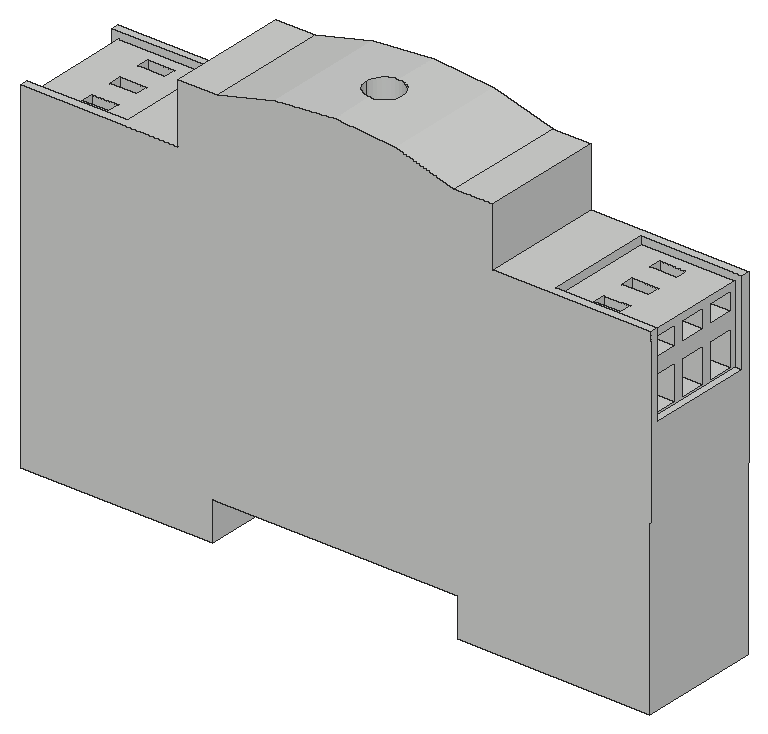
Revit family "MSR-Schutz für 2-polige Stromversorgung mit Fernsignalisierung 230V AC", category Generic Models, Revit 2015
Parameters (values of type "VF230-AC-FS")
  Width = 90 mm
  URL = "http://www.obo-bettermann.com"
  Material 2 = OBO PE
  Material = OBO PA 6 GF20
  Manufacturer Art.No. = "5097858"
  Manufacturer = "OBO Bettermann"
  Length = 17.5 mm
  Height = 60.5 mm
  GTIN = "4012195578215"
  Cut depth = 12 mm
  Article Type = "VF230-AC-FS"
Reference planes
  plane 1 "Center (Front/Back)": y = 0
  plane 2: z = 0
  plane 3 "Center (Left/Right)": x = 0
  plane 4: z = 60.5
  plane 5: y = 8.75
  plane 6: y = -8.75
  plane 7: z = 37
  plane 8: z = 48
  plane 9: z = 46
  plane 10: x = 39
  plane 11: x = -39
  plane 12: z = 61.5
  plane 13: z = 51.5
  plane 14: z = 61.5
  plane 15: z = 51.5
  plane 16: x = -44
Forms (mm)
  Extrusion 1, solid, material "OBO PA 6 GF20" <- "Material"
    sketch origin (0, 0, 0) x (1, 0, 0) y (0, 0, 1)
      loop
        line (0, 5.5) -> (17.5, 5.5) -> (17.5, 0) -> (45, 0) -> (45, 49) -> (22.5, 49) -> (22.5, 57.5) -> (17, 57.5)
        arc (17, 57.5) -> (0, 60.5) -> (-17, 57.5) r 49.667
        line (-17, 57.5) -> (-22.5, 57.5) -> (-22.5, 49) -> (-45, 49) -> (-45, 0) -> (-17.5, 0) -> (-17.5, 5.5) -> (0, 5.5)
    from -8.75 to 8.75
  Extrusion 2, void
    sketch origin (0, 0, 0) x (1, 0, 0) y (0, 1, 0)
      loop
        line (30.6, 7.6) -> (30.6, -7.6) -> (45, -7.6) -> (45, 7.6) -> (30.6, 7.6)
      loop
        line (-45, 7.6) -> (-45, -7.6) -> (-30.6, -7.6) -> (-30.6, 7.6) -> (-45, 7.6)
    from 37 to 49
  Extrusion 3, solid, material "OBO PE" <- "Material 2"
    sketch origin (0, 0, 0) x (1, 0, 0) y (0, 1, 0)
      loop
        line (30.6, 7.6) -> (30.6, -7.6) -> (44, -7.6) -> (44, 7.6) -> (30.6, 7.6)
      loop
        line (-30.6, 7.6) -> (-44, 7.6) -> (-44, -7.6) -> (-30.6, -7.6) -> (-30.6, 7.6)
    from 37 to 48
  Extrusion 4, void
    sketch origin (0, 0, 0) x (1, 0, 0) y (0, 1, 0)
      loop
        line (34.7, 0.9) -> (34.7, -0.9) -> (38.5, -0.9) -> (38.5, 0.9) -> (34.7, 0.9)
      loop
        line (34.7, 5.9) -> (34.7, 4.1) -> (38.5, 4.1) -> (38.5, 5.9) -> (34.7, 5.9)
      loop
        line (34.7, -4.1) -> (34.7, -5.9) -> (38.5, -5.9) -> (38.5, -4.1) -> (34.7, -4.1)
      loop
        line (-34.7, 5.9) -> (-38.5, 5.9) -> (-38.5, 4.1) -> (-34.7, 4.1) -> (-34.7, 5.9)
      loop
        line (-34.7, 0.9) -> (-38.5, 0.9) -> (-38.5, -0.9) -> (-34.7, -0.9) -> (-34.7, 0.9)
      loop
        line (-34.7, -4.1) -> (-38.5, -4.1) -> (-38.5, -5.9) -> (-34.7, -5.9) -> (-34.7, -4.1)
    from 46 to 48
  Extrusion 5, void
    sketch origin (0, 0, 0) x (0, 1, 0) y (0, 0, 1)
      loop
        line (1.9, 47) -> (-1.9, 47) -> (-1.9, 44.4) -> (1.9, 44.4) -> (1.9, 47)
      loop
        line (6.9, 47) -> (3.1, 47) -> (3.1, 44.4) -> (6.9, 44.4) -> (6.9, 47)
      loop
        line (-3.1, 47) -> (-6.9, 47) -> (-6.9, 44.4) -> (-3.1, 44.4) -> (-3.1, 47)
      loop
        line (6.9, 42.2) -> (3.1, 42.2) -> (3.1, 37.2) -> (6.9, 37.2) -> (6.9, 42.2)
      loop
        line (1.9, 42.2) -> (-1.9, 42.2) -> (-1.9, 37.2) -> (1.9, 37.2) -> (1.9, 42.2)
      loop
        line (-3.1, 42.2) -> (-6.9, 42.2) -> (-6.9, 37.2) -> (-3.1, 37.2) -> (-3.1, 42.2)
    from 39 to 44
  Extrusion 6, void
    sketch origin (0, 0, 0) x (0, 1, 0) y (0, 0, 1)
      loop
        line (3.1, 44.4) -> (6.9, 44.4) -> (6.9, 47) -> (3.1, 47) -> (3.1, 44.4)
      loop
        line (1.9, 44.4) -> (1.9, 47) -> (-1.9, 47) -> (-1.9, 44.4) -> (1.9, 44.4)
      loop
        line (-3.1, 47) -> (-6.9, 47) -> (-6.9, 44.4) -> (-3.1, 44.4) -> (-3.1, 47)
      loop
        line (6.9, 42.2) -> (3.1, 42.2) -> (3.1, 37.2) -> (6.9, 37.2) -> (6.9, 42.2)
      loop
        line (1.9, 37.2) -> (1.9, 42.2) -> (-1.9, 42.2) -> (-1.9, 37.2) -> (1.9, 37.2)
      loop
        line (-3.1, 42.2) -> (-6.9, 42.2) -> (-6.9, 37.2) -> (-3.1, 37.2) -> (-3.1, 42.2)
    from -44 to -39
  Extrusion 7, void
    sketch origin (0, 0, 0) x (1, 0, 0) y (0, 1, 0)
      loop
        circle (0, 0) r 2.6
    from 51.5 to 61.5
  Extrusion 8, void
    sketch origin (0, 0, 0) x (0, 1, 0) y (0, 0, 1)
      loop
        line (5.55, 0) -> (5.55, 15.2) -> (-5.55, 15.2) -> (-5.55, 0) -> (5.55, 0)
    from -45 to -44
Cuts and joins
  Extrusion 2, Extrusion 4, Extrusion 5, Extrusion 6, Extrusion 7, Extrusion 8 cuts Extrusion 1
  Extrusion 4, Extrusion 5, Extrusion 6 cuts Extrusion 3
Dimensions and locks
  locked: Extrusion 1 sketch curve to plane 3 "Center (Left/Right)" at 45
  locked: Extrusion 1 sketch curve to level at 49  (x2)
  locked: Extrusion 1 sketch curve to level at 5.5
  locked: Extrusion 1 sketch curve to plane 3 "Center (Left/Right)" at 17.5
  locked: Extrusion 1 sketch curve to plane 3 "Center (Left/Right)" at 22.5
  locked: Extrusion 1 sketch curve to level at 57.5  (x2)
  locked: Extrusion 1 sketch curve to Extrusion 1 sketch curve at 5.5  (x2)
  "Width": Extrusion 1 sketch curve to Extrusion 1 sketch curve
  locked: plane 3 "Center (Left/Right)" to Extrusion 1 sketch curve at 17.5
  locked: plane 3 "Center (Left/Right)" to Extrusion 1 sketch curve at 22.5
  "Height": plane 4 to level
  "Length": plane 5 to plane 6
  locked: plane 5 to plane 1 "Center (Front/Back)" at 8.75
  locked: Extrusion 2 sketch curve to Extrusion 2 sketch curve at 15.2
  equal spacing: Extrusion 2 sketch curve, plane 1 "Center (Front/Back)", Extrusion 2 sketch curve, locked at 7.6 each
  locked: Extrusion 2 sketch curve to Extrusion 1 at 14.4
  locked: Extrusion 1 to Extrusion 2 sketch curve at 14.4
  "Cut depth": cut or joined group of Extrusion 1, Extrusion 2, Extrusion 4, Extrusion 5, Extrusion 6, Extrusion 7, Extrusion 8 to plane 7
  locked: Extrusion 3 sketch curve to cut or joined group of Extrusion 1, Extrusion 2, Extrusion 4, Extrusion 5, Extrusion 6, Extrusion 7, Extrusion 8 at 1
  locked: cut or joined group of Extrusion 1, Extrusion 2, Extrusion 4, Extrusion 5, Extrusion 6, Extrusion 7, Extrusion 8 to Extrusion 3 sketch curve at 1
  locked: cut or joined group of Extrusion 1, Extrusion 2, Extrusion 4, Extrusion 5, Extrusion 6, Extrusion 7, Extrusion 8 to plane 8 at 1
  locked: Extrusion 4 sketch curve to Extrusion 4 sketch curve at 1.8  (x3)
  equal spacing: Extrusion 4 sketch curve, plane 1 "Center (Front/Back)", Extrusion 4 sketch curve, locked at 0.9 each
  locked: Extrusion 4 sketch curve to Extrusion 4 sketch curve at 3.2  (x2)
  locked: Extrusion 4 sketch curve to Extrusion 4 sketch curve at 3.8  (x2)
  locked: Extrusion 4 sketch curve to cut or joined group of Extrusion 1, Extrusion 2, Extrusion 4, Extrusion 5, Extrusion 6, Extrusion 7, Extrusion 8 at 10.3
  locked: cut or joined group of Extrusion 1, Extrusion 2, Extrusion 4, Extrusion 5, Extrusion 6, Extrusion 7, Extrusion 8 to Extrusion 4 sketch curve at 10.3
  locked: plane 8 to plane 9 at 2
  locked: Extrusion 5 sketch curve to Extrusion 5 sketch curve at 3.8  (x3)
  equal spacing: Extrusion 5 sketch curve, plane 1 "Center (Front/Back)", Extrusion 5 sketch curve, locked at 1.9 each
  locked: Extrusion 5 sketch curve to Extrusion 5 sketch curve at 1.2  (x2)
  locked: cut or joined group of Extrusion 3, Extrusion 4, Extrusion 5, Extrusion 6 to Extrusion 5 sketch curve at 1
  locked: Extrusion 5 sketch curve to Extrusion 5 sketch curve at 2.6
  locked: Extrusion 5 sketch curve to Extrusion 5 sketch curve at 2.2
  locked: Extrusion 5 sketch curve to Extrusion 5 sketch curve at 5
  locked: cut or joined group of Extrusion 3, Extrusion 4, Extrusion 5, Extrusion 6 to plane 10 at 5
  locked: cut or joined group of Extrusion 3, Extrusion 4, Extrusion 5, Extrusion 6 to plane 11 at 5
  locked: plane 12 to cut or joined group of Extrusion 1, Extrusion 2, Extrusion 4, Extrusion 5, Extrusion 6, Extrusion 7, Extrusion 8 at 4
  locked: plane 12 to plane 13 at 10
  locked: plane 14 to cut or joined group of Extrusion 1, Extrusion 2, Extrusion 4, Extrusion 5, Extrusion 6, Extrusion 7, Extrusion 8 at 4
  locked: plane 14 to plane 15 at 10
  locked: cut or joined group of Extrusion 1, Extrusion 2, Extrusion 4, Extrusion 5, Extrusion 6, Extrusion 7, Extrusion 8 to Extrusion 8 sketch curve at 15.2
  locked: Extrusion 8 sketch curve to Extrusion 8 sketch curve at 11.1
  equal spacing: Extrusion 8 sketch curve, plane 1 "Center (Front/Back)", Extrusion 8 sketch curve, locked at 5.55 each
  locked: cut or joined group of Extrusion 1, Extrusion 2, Extrusion 4, Extrusion 5, Extrusion 6, Extrusion 7, Extrusion 8 to plane 16 at 1
  radius of Extrusion 1 sketch curve = 49.667 mm
  radius of Extrusion 7 sketch curve = 2.6 mm
  aligned and locked: level to plane 2
  aligned and locked: Extrusion 1 to plane 5
  aligned and locked: plane 6 to Extrusion 1
  aligned and locked: Extrusion 2 sketch curve to Extrusion 1  (x2)
  aligned and locked: Extrusion 2 sketch curve to Extrusion 2 sketch curve  (x2)
  aligned and locked: Extrusion 2 to plane 7
  aligned and locked: Extrusion 2 to Extrusion 1
  aligned and locked: Extrusion 3 sketch curve to cut or joined group of Extrusion 1, Extrusion 2, Extrusion 4, Extrusion 5, Extrusion 6, Extrusion 7, Extrusion 8  (x5)
  aligned and locked: cut or joined group of Extrusion 1, Extrusion 2, Extrusion 4, Extrusion 5, Extrusion 6, Extrusion 7, Extrusion 8 to Extrusion 3 sketch curve
  aligned and locked: cut or joined group of Extrusion 1, Extrusion 2, Extrusion 4, Extrusion 5, Extrusion 6, Extrusion 7, Extrusion 8 to Extrusion 3
  aligned and locked: plane 8 to Extrusion 3
  aligned and locked: Extrusion 4 sketch curve to Extrusion 4 sketch curve  (x14)
  aligned and locked: Extrusion 4 to plane 9
  aligned and locked: plane 8 to Extrusion 4
  aligned and locked: Extrusion 5 sketch curve to Extrusion 5 sketch curve  (x14)
  aligned and locked: Extrusion 5 to plane 10
  aligned and locked: cut or joined group of Extrusion 3, Extrusion 4, Extrusion 5, Extrusion 6 to Extrusion 5
  aligned and locked: Extrusion 6 sketch curve to cut or joined group of Extrusion 3, Extrusion 4, Extrusion 5, Extrusion 6  (x24)
  aligned and locked: cut or joined group of Extrusion 3, Extrusion 4, Extrusion 5, Extrusion 6 to Extrusion 6
  aligned and locked: plane 11 to Extrusion 6
  aligned and locked: Extrusion 7 to plane 15
  aligned and locked: plane 14 to Extrusion 7
  aligned and locked: Extrusion 1 to Extrusion 8
  aligned and locked: Extrusion 8 to cut or joined group of Extrusion 3, Extrusion 4, Extrusion 5, Extrusion 6
Automatic sketch dimensions
  Extrusion 1 sketch curve to plane 3 "Center (Left/Right)" = 0 mm
  Extrusion 1 sketch curve to level = 0 mm  (x2)
  Extrusion 6 sketch curve to plane 1 "Center (Front/Back)" = 3.1 mm
  plane 1 "Center (Front/Back)" to Extrusion 7 sketch curve = 0 mm
  Extrusion 7 sketch curve to plane 3 "Center (Left/Right)" = 0 mm
  Extrusion 8 sketch curve to level = 0 mm
